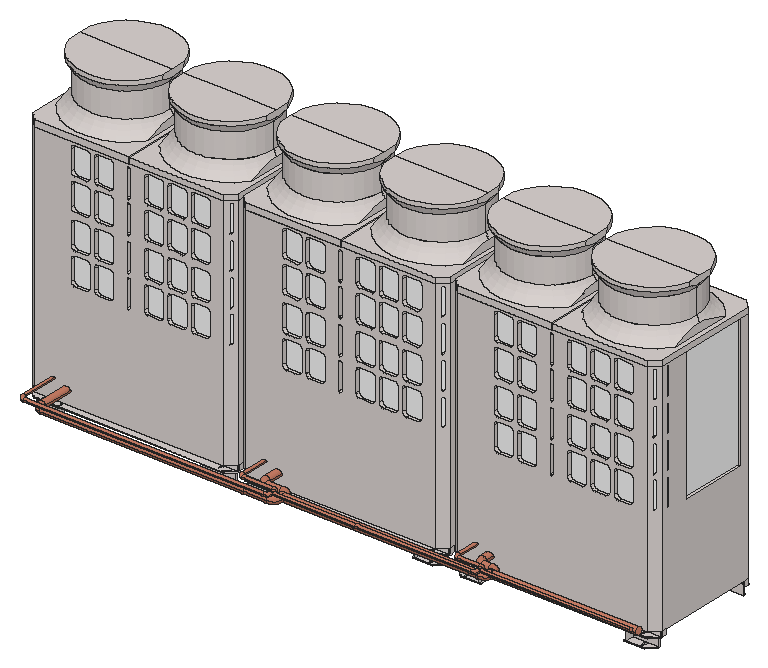
Revit family "PUHY-EP1200YSNW-A", category Mechanical Equipment, Revit 2012 (continued)
Definition of nested family "PUHY-EP400YNW-A"
  Dimensions and locks
    cut or joined group 1 (Extrusion 1, Extrusion 2, Extrusion 3, Extrusion 4, Extrusion 5, Extrusion 6, Extrusion 7, Extrusion 8, Extrusion 9, Extrusion 10, Extrusion 11, Extrusion 12, Extrusion 13, Extrusion 14, Extrusion 15, Extrusion 16, Extrusion 17, Extrusion 18, Extrusion 19, Extrusion 20, Extrusion 21, Extrusion 22, Extrusion 23, Extrusion 24, Extrusion 25, Extrusion 26, Extrusion 27, Extrusion 28, Extrusion 29, Extrusion 30, Extrusion 31, Extrusion 32, Extrusion 33) to plane 3 "Center (Left/Right)" = 620 mm
    Extrusion 1 sketch curve to Extrusion 1 sketch curve = 1240 mm
    cut or joined group 1 to plane 8 = 185 mm
    cut or joined group 1 to plane 7 = 166 mm
    cut or joined group 1 to plane 6 = 110 mm
    cut or joined group 1 to plane 12 to cut or joined group 1 = 805 mm, 621 mm
    plane 5 to plane 2 = 1858 mm  (x2)
    cut or joined group 1 to plane 19 "132" = 132 mm
    cut or joined group 1 to plane 22 = 207 mm
    cut or joined group 1 to plane 23 = 256 mm
    cut or joined group 1 to plane 6 = 60 mm
    cut or joined group 1 to cut or joined group 1 = 42.154 mm
    cut or joined group 1 to cut or joined group 1 = 11.895 mm
    nested 1 to nested 3 to level = 1798 mm, 60 mm
    nested 1 to nested 1 = 303 mm
    nested 1 to nested 3 = 1495 mm
    nested 8 to nested 8 to nested 8 to nested 7 to nested 7 to nested 7 = 54 mm, 20 mm, 592 mm, 20 mm, 54 mm
    nested 3 to nested 3 = 56 mm
    plane 11 to plane 31 to plane 32 to cut or joined group 1 = 90 mm, 1060 mm, 90 mm
    curve 103 to nested 7 = 90 mm
    curve 104 to nested 7 = 125 mm
    curve 101 to nested 7 = 100 mm
    curve 11 to curve 13 to nested 7 = 84 mm, 71 mm
    cut or joined group 1 to curve 12 to curve 14 = 125 mm, 148 mm
    nested 2 to nested 7 = 1495 mm
    curve 87 to cut or joined group 1 = 152 mm
    curve 88 to cut or joined group 1 = 172 mm
    curve 89 to cut or joined group 1 = 216 mm
    cut or joined group 1 to curve 4 to curve 2 = 128 mm, 150 mm
    cut or joined group 1 to curve 1 to curve 3 = 79 mm, 94 mm
    Extrusion 32 sketch curve to nested 7 = 116 mm
    cut or joined group 1 to Extrusion 32 sketch curve = 160 mm
    cut or joined group 1 to Extrusion 33 sketch curve = 243 mm
    Extrusion 33 sketch curve to nested 7 = 116 mm
    aligned and locked: level to plane 2
    aligned and locked: Extrusion 1 to plane 4
  Nested families
    nested 1: "FAN GUARD" at (-311.5, 2, 860), type "FAN GUARD"
      with WIDTH 870 mm
    nested 2: "FAN GUARD" at (311.5, 2, 860) x (-1, 0, 0) z (0, 0, 1), type "FAN GUARD"
      with WIDTH 870 mm
    nested 3: "ATTACHMENT LEG" at (-524, -349, 0), type "ATTACHMENT LEG"
    nested 4: "ATTACHMENT LEG" at (-524, 349, 0), type "ATTACHMENT LEG"
    nested 5: "ATTACHMENT LEG" at (524, -349, 0) x (-1, 0, 0) z (0, 0, 1), type "ATTACHMENT LEG"
    nested 6: "ATTACHMENT LEG" at (524, 349, 0) x (-1, 0, 0) z (0, 0, 1), type "ATTACHMENT LEG"
    nested 7: "BASE LEG_L_" at (0, -352, 60), type "BASE LEG_L_"
      with Width 1240 mm
    nested 8: "BASE LEG_L_" at (0, 352, 60), type "BASE LEG_L_"
      with Width 1240 mm
  Connectors
    piping at (-460, -191, 176), driven by "Liquid pipe_radius"
      settings: on cut or joined group 1, index 3, connector radius 12.7 mm, flow factor 0, pipe flow 0.0 L/s, pressure drop 0.0 Pa, fitting loss kfactor 0, connector angle 0.00°, fixture units 0, engagement length 0 mm, flow configuration 0, flow direction 0, fitting loss method 0, system type 22, joint type 0, gender type 0, connector reference index -1, connector utility 0, adjustable connector no, is connector primary yes, fitting loss table "", connector description "Refrigerant service valve<Liquid pipe>"
    piping at (-377, -191, 176), driven by "Gas pipe_radius"
      settings: on cut or joined group 1, index 4, connector radius 14.29 mm, flow factor 0, pipe flow 0.0 L/s, pressure drop 0.0 Pa, fitting loss kfactor 0, connector angle 0.00°, fixture units 0, engagement length 0 mm, flow configuration 0, flow direction 0, fitting loss method 0, system type 22, joint type 0, gender type 0, connector reference index -1, connector utility 0, adjustable connector no, is connector primary no, fitting loss table "", connector description "Refrigerant service valve<Gas>"
    electrical at (0, -370, 808)
      settings: on cut or joined group 1, index 5, voltage 0 V, apparent load 0 VA, apparent load phase1 0 VA, apparent load phase2 0 VA, apparent load phase3 0 VA, power factor 1, load classification "HVAC", number of poles 1, system type 30, power factor state 1, is connector primary yes, connector utility no, sub classification motor no, connector description ""
  Definition of nested family "FAN GUARD"
    Parameters (values of type "FAN GUARD")
      WIDTH [instance] = 870 mm
    Reference planes
      plane 1 "中心(正面/背面)": y = -2
      plane 2: z = 0
      plane 3 "ファンガード基準面": z = 661
      plane 4: y = 368
      plane 5: x = 366
      plane 6: x = -375
      plane 7 "ファンガード基準上面": z = 695
      plane 8 "ファンガード上面": z = 998
      plane 9: x = -273.971
      plane 10: x = 308.5
      plane 11: x = -308.5
      plane 12: x = 0
    Forms (mm)
      Extrusion 1, solid, material "Paint_5Y 8/1"
        sketch origin (85, 0, 661) x (-1, 0, 0) y (0, -1, 0)
          loop
            line (343.5, -368) -> (393.5, -318) -> (393.5, 322) -> (343.5, 372) -> (-223.5, 372) -> (-223.5, -368) -> (343.5, -368)
        from 0 to 34
      Revolve 2, solid, material "Paint_5Y 8/1"
        sketch origin (0, -2, 0) x (1, 0, 0) y (0, 0, 1)
          loop
            line (0, 695) -> (0, 998) -> (-290, 998) -> (-290, 972.327) -> (-260, 928.372) -> (-260, 777.384)
            arc (-260, 777.384) -> (-290.651, 730.137) -> (-334.665, 695) r 175.882
            line (-334.665, 695) -> (0, 695)
          axis (0, 998) -> (0, 695)
        angle from 0 to 360
      Extrusion 3, void
        sketch origin (-840, 75, 695) x (-1, 0, 0) y (0, -1, 0)
          loop
            line (-410, -165) -> (-410, 315) -> (-561.253, 315) -> (-561.253, -165) -> (-410, -165)
        from -35 to 430.592
      Extrusion 4, void
        sketch origin (840, 75, 695) x (1, 0, 0) y (0, 1, 0)
          loop
            line (-410, 165) -> (-561.253, 165) -> (-561.253, -315) -> (-410, -315) -> (-410, 165)
        from 0 to 430.592
    Cuts and joins
      Extrusion 3, Extrusion 4 cuts Revolve 2
      Extrusion 4 cuts Extrusion 1
    Lines and regions (mm)
      model lines
        curve 1: line (-278.747, 0, 998) -> (-80, 0, 998)
        curve 2: line (80, 0, 998) -> (278.747, 0, 998)
        curve 3: circle (0, 0, 998) r 80 normal (0, 0, 1)
        curve 4: line (-278.747, -80, 998) -> (278.747, -80, 998)
        curve 5: line (-241.868, -160, 998) -> (241.868, -160, 998)
        curve 6: line (-162.788, -240, 998) -> (162.788, -240, 998)
        curve 7: line (-278.747, 80, 998) -> (278.747, 80, 998)
        curve 8: line (-241.868, 160, 998) -> (240, 160, 998)
        curve 9: line (-160, 240, 998) -> (162.788, 240, 998)
        curve 10: line (0, 290, 998) -> (0, -290, 998)
        curve 11: line (-20, 289.31, 998) -> (-20, -289.31, 998)
        curve 12: line (-40, 287.228, 998) -> (-40, -287.228, 998)
        curve 13: line (-60, 283.725, 998) -> (-60, -283.725, 998)
        curve 14: line (-80, 278.747, 998) -> (-80, -278.747, 998)
        curve 15: line (20, 289.31, 998) -> (20, -289.31, 998)
        curve 16: line (40, 287.228, 998) -> (40, -287.228, 998)
        curve 17: line (60, 283.725, 998) -> (60, -283.725, 998)
        curve 18: line (80, 278.747, 998) -> (80, -278.747, 998)
        curve 19: line (100, 272.213, 998) -> (100, -272.213, 998)
        curve 20: line (120, 264.008, 998) -> (120, -264.008, 998)
        curve 21: line (140, 253.969, 998) -> (140, -253.969, 998)
        curve 22: line (160, 241.868, 998) -> (160, -243.132, 998)
        curve 23: line (180, 227.376, 998) -> (180, -227.624, 998)
        curve 24: line (200, 210, 998) -> (200, -210, 998)
        curve 25: line (220, 188.944, 998) -> (220, -188.944, 998)
        curve 26: line (240, 160, 998) -> (240, -162.788, 998)
        curve 27: line (260, 128.452, 998) -> (260, -128.452, 998)
        curve 28: line (-100, 272.213, 998) -> (-100, -272.213, 998)
        curve 29: line (-120, 264.008, 998) -> (-120, -264.008, 998)
        curve 30: line (-140, 253.969, 998) -> (-140, -253.969, 998)
        curve 31: line (-160, 240, 998) -> (-160, -241.868, 998)
        curve 32: line (-180, 227.376, 998) -> (-180, -227.376, 998)
        curve 33: line (-200, 210, 998) -> (-200, -210, 998)
        curve 34: line (-220, 188.944, 998) -> (-220, -188.944, 998)
        curve 35: line (-240, 162.788, 998) -> (-240, -162.788, 998)
        curve 36: line (-260, 128.452, 998) -> (-260, -128.452, 998)
        curve 37: line (10, 79.373, 998) -> (10, -79.373, 998)
        curve 38: line (-10, 79.373, 998) -> (-10, -79.373, 998)
        curve 39: line (30, 74.162, 998) -> (30, -74.162, 998)
        curve 40: line (50, 62.45, 998) -> (50, -62.45, 998)
        curve 41: line (70, 38.73, 998) -> (70, -38.73, 998)
        curve 42: line (-30, 74.162, 998) -> (-30, -74.162, 998)
        curve 43: line (-50, 62.45, 998) -> (-50, -62.45, 998)
        curve 44: line (-70, 38.73, 998) -> (-70, -38.73, 998)
    Dimensions and locks
      locked: plane 8 "ファンガード上面" to plane 7 "ファンガード基準上面" at 303
      plane 8 "ファンガード上面" to plane 3 "ファンガード基準面" = 337 mm
      Revolve 2 sketch curve to Revolve 2 sketch curve = 290 mm
      Extrusion 1 sketch curve to Extrusion 1 sketch curve = 740 mm
      equal spacing: Extrusion 1 sketch curve, plane 1 "中心(正面/背面)", Extrusion 1 sketch curve
      plane 6 to plane 5 = 741 mm
      Extrusion 1 sketch curve to Extrusion 1 sketch curve = 617 mm
      plane 11 to plane 10 = 617 mm
      cut or joined group of Extrusion 1, Extrusion 4 to cut or joined group of Extrusion 1, Extrusion 4 = 617 mm
      cut or joined group of Extrusion 1, Extrusion 4 to cut or joined group of Extrusion 1, Extrusion 4 = 740 mm
      aligned and locked: level to plane 2
      aligned and locked: plane 7 "ファンガード基準上面" to Extrusion 1
      aligned and locked: plane 3 "ファンガード基準面" to Extrusion 1
      aligned and locked: cut or joined group of Revolve 2, Extrusion 3, Extrusion 4 to plane 8 "ファンガード上面"
  Definition of nested family "ATTACHMENT LEG"
    Parameters (values of type "ATTACHMENT LEG")
      Width = 145 mm
    Reference planes
      plane 1: z = 0
      plane 2 "中心(左/右)": x = -6
      plane 3: x = -52
      plane 4: x = 85
      plane 5: x = 93
      plane 6: y = -21
      plane 7: y = 27
      plane 8: x = -30
      plane 9: y = 39
      plane 10: z = 60
      plane 11: z = 57
      plane 12: z = 3
      plane 13: x = 82
      plane 14: y = 36
      plane 15: x = -75
      plane 16: y = 31
      plane 17 "幅": x = 93
      plane 18: y = 2.5
      plane 19: y = 21
      plane 20: y = -10
    Forms (mm)
      Extrusion 1, solid, material "Paint_5Y 8/1"
        sketch origin (0, -1, 0) x (1, 0, 0) y (0, 1, 0)
          loop
            line (-75, 36) -> (-75, 27) -> (-28, -20) -> (93, -20) -> (93, 32) -> (85, 32) -> (85, 36) -> (-75, 36)
        from 0 to 60
      Extrusion 2, void
        sketch origin (0, -3, 0) x (1, 0, 0) y (0, 0, 1)
          loop
            line (-75, 57) -> (-75, 3) -> (82, 3) -> (82, 57) -> (-75, 57)
          loop
            line (93, 57) -> (85, 57) -> (85, 3) -> (93, 3) -> (93, 57)
        from -35 to 18
      Extrusion 3, void
        sketch origin (-6, 5.5, 0) x (1, 0, 0) y (0, 1, 0)
          loop
            arc (-7, -8.5) -> (0, -15.5) -> (7, -8.5) r 7
            line (7, -8.5) -> (7, 8.5)
            arc (7, 8.5) -> (0, 15.5) -> (-7, 8.5) r 7
            line (-7, 8.5) -> (-7, -8.5)
        from 0 to 60
    Cuts and joins
      Extrusion 2, Extrusion 3 cuts Extrusion 1
    Dimensions and locks
      locked: plane 3 to plane 4 at 137
      locked: plane 3 to plane 5 at 145
      plane 6 to plane 7 = 48 mm
      locked: plane 10 to level at 60
      Extrusion 3 sketch curve to plane 2 "中心(左/右)" = 7 mm
      locked: plane 15 to plane 2 "中心(左/右)" at 69
      locked: plane 15 to plane 8 at 45
      locked: plane 6 to plane 18 at 23.5
      cut or joined group of Extrusion 1, Extrusion 2, Extrusion 3 to cut or joined group of Extrusion 1, Extrusion 2, Extrusion 3 = 168 mm
      cut or joined group of Extrusion 1, Extrusion 2, Extrusion 3 to cut or joined group of Extrusion 1, Extrusion 2, Extrusion 3 = 56 mm  (x2)
      plane 14 to plane 6 = 57 mm
      aligned and locked: level to plane 1
      aligned and locked: Extrusion 1 sketch curve to plane 4
      aligned and locked: Extrusion 1 sketch curve to plane 5
      aligned: plane 8 to Extrusion 1 sketch curve
      aligned and locked: plane 10 to Extrusion 1
      aligned and locked: Extrusion 2 sketch curve to plane 11
      aligned: plane 3 to Extrusion 2 sketch curve
      aligned and locked: plane 12 to Extrusion 2 sketch curve
      aligned and locked: Extrusion 2 sketch curve to plane 13
      aligned and locked: plane 6 to Extrusion 2
      aligned and locked: plane 11 to Extrusion 2 sketch curve
      aligned and locked: plane 5 to Extrusion 2 sketch curve
      aligned and locked: Extrusion 2 sketch curve to plane 12
      aligned and locked: Extrusion 2 sketch curve to plane 4
      aligned and locked: plane 15 to Extrusion 1 sketch curve
      aligned and locked: Extrusion 2 sketch curve to cut or joined group of Extrusion 1, Extrusion 2, Extrusion 3
      aligned and locked: Extrusion 1 to plane 16
  Definition of nested family "BASE LEG_L_"
    Parameters (values of type "BASE LEG_L_")
      Width [instance] = 1240 mm
    Reference planes
      plane 1 "中心(正面/背面)": y = 0
      plane 2: z = 0
      plane 3 "中心(左/右)": x = 0
      plane 4: x = 620
      plane 5: x = -620
      plane 6: x = -530
      plane 7: x = 530
      plane 8: y = -18
      plane 9: y = 39
      plane 10: z = 53
      plane 11: y = 42
      plane 12: y = 27
      plane 13: x = 575
      plane 14: x = -575
      plane 15: z = 8
      plane 16: y = 11.5
      plane 17: z = 35
    Forms (mm)
      Extrusion 1, solid, material "Paint_5Y 8/1"
        sketch origin (0, 0, 0) x (0, 1, 0) y (0, 0, 1)
          loop
            line (-18, 0) -> (36, 0) -> (36, 32) -> (56, 32) -> (56, 35) -> (33, 35) -> (33, 3) -> (-18, 3) -> (-18, 0)
        from -620 to 620
      Extrusion 2, void
        sketch origin (0, 0, 0) x (1, 0, 0) y (0, 1, 0)
          loop
            line (575, -18) -> (620, -18) -> (620, 27) -> (575, -18)
          loop
            line (-575, -18) -> (-620, 27) -> (-620, -18) -> (-575, -18)
        from 0 to 250
      Extrusion 3, void
        sketch origin (0, 12.023, 0) x (1, 0, 0) y (0, 1, 0)
          loop
            arc (523, -2.971) -> (530, -9.971) -> (537, -2.971) r 7
            line (537, -2.971) -> (537, 3.023)
            arc (537, 3.023) -> (530, 10.023) -> (523, 3.023) r 7
            line (523, 3.023) -> (523, -2.971)
          loop
            line (-523, -2.971) -> (-523, 3.023)
            arc (-523, 3.023) -> (-530, 10.023) -> (-537, 3.023) r 7
            line (-537, 3.023) -> (-537, -2.971)
            arc (-537, -2.971) -> (-530, -9.971) -> (-523, -2.971) r 7
        from 0 to 250
      Extrusion 4, solid, material "Paint_5Y 8/1"
        sketch origin (0, 0, -3) x (1, 0, 0) y (0, 0, 1)
          loop
            line (617, 8) -> (620, 8) -> (620, 35) -> (617, 35) -> (617, 8)
          loop
            line (-617, 8) -> (-617, 35) -> (-620, 35) -> (-620, 8) -> (-617, 8)
        from -36 to -56
      Extrusion 5, solid, material "Paint_5Y 8/1"
        sketch origin (150, 352, 0) x (1, 0, 0) y (0, 1, 0)
          loop
            line (460, -319) -> (455, -319) -> (455, -320) -> (405, -370) -> (410, -370) -> (460, -320) -> (460, -319)
        from 3 to 35
      Extrusion 6, void
        sketch origin (560, -18, 0) x (0.707107, 0.707107, 0) y (0, 0, 1)
          loop
            line (70.711, 3) -> (-6.741, 39.767) -> (-6.741, 3) -> (70.711, 3)
        from -190.256 to 23.776
      Extrusion 7, solid, material "Paint_5Y 8/1"
        sketch origin (-150, 352, 0) x (-1, 0, 0) y (0, -1, 0)
          loop
            line (460, 319) -> (460, 320) -> (410, 370) -> (405, 370) -> (455, 320) -> (455, 319) -> (460, 319)
        from 3 to 35
      Extrusion 8, void
        sketch origin (-560, -18, 0) x (0.707107, -0.707107, 0) y (0, 0, -1)
          loop
            line (-70.711, -3) -> (0, -35) -> (6.741, -35) -> (6.741, -3) -> (-70.711, -3)
        from -190.256 to 23.776
    Cuts and joins
      Extrusion 2, Extrusion 3 cuts Extrusion 1
      joined: Extrusion 1, Extrusion 4
      Extrusion 8 cuts Extrusion 7
      Extrusion 6 cuts Extrusion 5
    Dimensions and locks
      "Width": plane 5 to plane 4
      equal spacing: plane 5, plane 3 "中心(左/右)", plane 4
      locked: plane 5 to plane 6 at 90
      locked: plane 7 to plane 4 at 90
      locked: plane 8 to plane 9 at 57
      locked: plane 10 to level at 53
      locked: plane 9 to plane 11 at 3
      plane 8 to plane 12 = 45 mm
      locked: plane 13 to plane 4 at 45
      locked: plane 5 to plane 14 at 45
      equal spacing: Extrusion 3 sketch curve, plane 7, Extrusion 3 sketch curve
      equal spacing: Extrusion 3 sketch curve, plane 6, Extrusion 3 sketch curve
      locked: plane 10 to plane 15 at 45
      locked: cut or joined group of Extrusion 1, Extrusion 2, Extrusion 3, Extrusion 4 to Extrusion 4 sketch curve at 3  (x2)
      locked: plane 8 to plane 16 at 29.5
      plane 8 to plane 11 = 60 mm
      cut or joined group of Extrusion 1, Extrusion 2, Extrusion 3, Extrusion 4 to cut or joined group of Extrusion 1, Extrusion 2, Extrusion 3, Extrusion 4 = 35 mm
      aligned and locked: level to plane 2
      aligned and locked: plane 8 to Extrusion 1 sketch curve
      aligned and locked: plane 4 to Extrusion 1
      aligned and locked: Extrusion 1 to plane 5
      aligned and locked: Extrusion 2 sketch curve to plane 4
      aligned and locked: Extrusion 2 sketch curve to plane 8
      aligned and locked: plane 12 to Extrusion 2 sketch curve
      aligned and locked: plane 13 to Extrusion 2 sketch curve
      aligned and locked: plane 4 to Extrusion 4 sketch curve
      aligned and locked: plane 5 to Extrusion 4 sketch curve
      aligned and locked: cut or joined group of Extrusion 7, Extrusion 8 to cut or joined group of Extrusion 1, Extrusion 2, Extrusion 3, Extrusion 4
    Automatic sketch dimensions
      Extrusion 3 sketch curve to plane 1 "中心(正面/背面)" = 9.052 mm  (x2)
      Extrusion 3 sketch curve to plane 7 = 7 mm
      Extrusion 3 sketch curve to plane 1 "中心(正面/背面)" = 15.046 mm  (x2)
      Extrusion 3 sketch curve to plane 6 = 7 mm
      Extrusion 2 sketch curve to plane 5 = 0 mm
      plane 8 to Extrusion 2 sketch curve = 0 mm
      Extrusion 2 sketch curve to plane 14 = 0 mm
      plane 12 to Extrusion 2 sketch curve = 0 mm
      Extrusion 4 sketch curve to plane 10 = 21 mm
      plane 7 to Extrusion 5 sketch curve = 25 mm
      Extrusion 5 sketch curve to Extrusion 5 sketch curve = 5 mm  (x2)
      plane 7 to Extrusion 5 sketch curve = 75 mm
      plane 8 to Extrusion 5 sketch curve = 0 mm
      Extrusion 5 sketch curve to Extrusion 5 sketch curve = 50 mm
      Extrusion 5 sketch curve to Extrusion 5 sketch curve = 0 mm
      Extrusion 5 sketch curve to Extrusion 5 sketch curve = 1 mm
      Extrusion 6 sketch curve to Extrusion 5 = 0 mm  (x2)
      Extrusion 6 sketch curve to Extrusion 5 = 6.741 mm
      Extrusion 6 sketch curve to Extrusion 5 = 4.767 mm
      plane 6 to Extrusion 7 sketch curve = 25 mm
      Extrusion 7 sketch curve to Extrusion 7 sketch curve = 5 mm  (x2)
      Extrusion 7 sketch curve to Extrusion 7 sketch curve = 45 mm
      Extrusion 7 sketch curve to plane 8 = 0 mm
      Extrusion 7 sketch curve to Extrusion 7 sketch curve = 50 mm
      Extrusion 7 sketch curve to Extrusion 7 sketch curve = 0 mm
      Extrusion 7 sketch curve to Extrusion 7 sketch curve = 1 mm
      Extrusion 8 sketch curve to Extrusion 7 = 0 mm  (x2)
      Extrusion 7 to Extrusion 8 sketch curve = 0 mm  (x2)
      Extrusion 7 to Extrusion 8 sketch curve = 6.741 mm
      Extrusion 4 sketch curve to plane 17 = 3 mm
      Extrusion 4 sketch curve to plane 15 = 3 mm  (x2)
      Extrusion 1 sketch curve to plane 17 = 0 mm
      Extrusion 1 sketch curve to level = 0 mm
      level to Extrusion 1 sketch curve = 3 mm
      plane 9 to Extrusion 1 sketch curve = 6 mm
      plane 9 to Extrusion 1 sketch curve = 3 mm
      Extrusion 1 sketch curve to plane 17 = 3 mm
      Extrusion 1 sketch curve to plane 11 = 14 mm
Types (6, lengths in mm): name | Voltage | Hertz | Heating Current (A) | Cooling Current (A)
  PUHY-EP1200YSNW-A_380V_50Hz | 380 V | 50 Hz | 64.7 | 55
  PUHY-EP1200YSNW-A_380V_60Hz | 380 V | 60 Hz | 64.7 | 55
  PUHY-EP1200YSNW-A_400V_50Hz | 400 V | 50 Hz | 61.4 | 52.2
  PUHY-EP1200YSNW-A_400V_60Hz | 400 V | 60 Hz | 61.4 | 52.2
  PUHY-EP1200YSNW-A_415V_50Hz | 415 V | 50 Hz | 59.2 | 50.3
  PUHY-EP1200YSNW-A_415V_60Hz | 415 V | 60 Hz | 59.2 | 50.3
